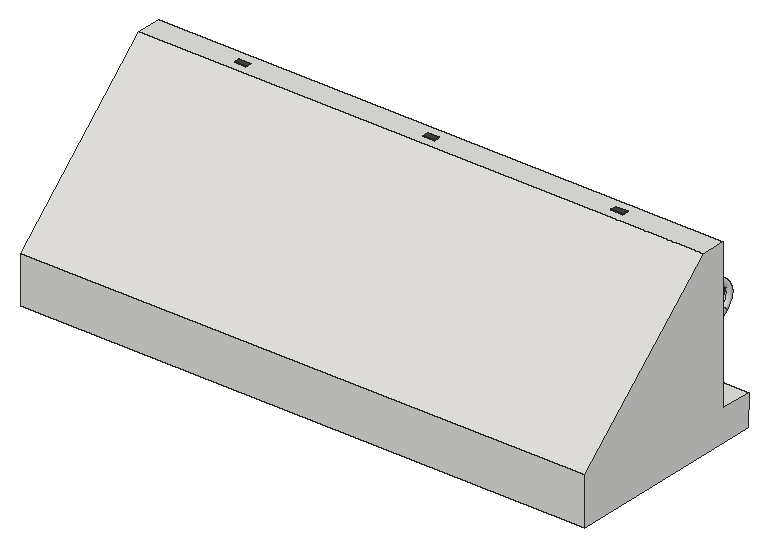
Revit family "Plumbing-Sink-Sloan-Valve-ESS-2300", category Plumbing Fixtures, host Face, Revit 2019
Family settings
  Host = Face
  Round Connector Dimension = Use Diameter
  Part Type = Normal
  OmniClass Number = 23.45.05.14.14
  OmniClass Title = Sinks/Lavatories
  Cut with Voids When Loaded = No
  Shared = No
  Room Calculation Point = No
Parameters (values of type "ESS 2300-C-BDT")
  z_Shower Head = no
  Width = 72"  # constant formula
  Water Flow = 2.2 GPM  # constant formula
  Waste Connection = yes
  WFU = 2
  Voltage = 110 V
  Vent Connection = no
  Valve Pressure Drop = 0.0 Pa
  URL = "www.sloanvalve.com"
  Sanitary Drain Connection Diameter = 1 1/2"  # constant formula
  Product data url = "https://bimobject.com/sloan_valve/product/sinks_stainless-steel_ess-2300"
  Product Material = Sloan Valve - Finish - Stainless Steel
  Product Guid = ""
  Power Factor = 0.8
  Part Number = "3850030"
  Number of Poles = 3
  Model = "ESS 2300-C-BDT"
  Manufacturer = "Sloan Valve"  # constant formula
  Keynote = "10000"
  Hot Water Connection Diameter = 1/2"  # constant formula
  Height = 26"  # constant formula
  HWFU = 1.5
  HW Connection = yes
  z_Elevation [instance] = 45"  # constant formula
  Frequency = 60 Hz
  Edition number = 1
  Description = "Stainless Steel 3-Station Wall-Mounted Scrub Sink."
  Depth = 23"  # constant formula
  Default Elevation = 0"  # constant formula
  Current = 15 A
  Cold Water Connection Diameter = 1/2"  # constant formula
  CWFU = 1.5
  CW Connection = yes
  Assembly Code = "D2010400"
  Apparent Load = (Voltage * Current) / (Power Factor * Number of Poles)  # 687.5 VA
  ADA Compliant = 1 = 1  # yes
Types (2): name | Part Number | Model
  ESS 2300-C-BDT | "3850030" | "ESS 2300-C-BDT"
  ESS 2300-C | "3850028" | "ESS 2300-C"
Reference planes (in)
  plane 1 "Center (Front/Back)": y = 0
  plane 2: z = 0
  plane 3 "Center (Left/Right)": x = 0
  plane 4: y = -5
  plane 5: y = -45
  plane 6: x = -15
  plane 7: x = 15
  plane 8: z = 2.75
  plane 9: x = -9
  plane 10: x = 9
  plane 11: z = 3.125
  plane 12: x = -36.00068
  plane 13: x = 35.99932
  plane 14: z = 23
Dimensions and locks (in)
  locked: plane 4 to plane 1 "Center (Front/Back)" at 5
  "z_Elevation": plane 5 to plane 1 "Center (Front/Back)"
  plane 7 to plane 3 "Center (Left/Right)" to plane 6 = 15" locked, 15" locked
  locked: plane 8 to plane 2 at 2.75
  plane 10 to plane 3 "Center (Left/Right)" to plane 9 = 9" locked, 9" locked
  locked: plane 11 to plane 2 at 3.125
  "Width": plane 12 to plane 13
  "Depth": plane 14 to plane 2
  aligned and locked: plane 2 to host face
  aligned and locked: level to host face
  aligned and locked: plane 3 "Center (Left/Right)" to nested 1
  aligned and locked: nested 1 to plane 1 "Center (Front/Back)"
Automatic sketch dimensions
  host sketch curve to host sketch curve = 96"  (x2)
Nested families (in)
  nested 1: "Geometry" at (0, 0, 0), type "Geometry"
Connectors (in)
  piping at (0, -18.25, 0.05881), diameter 1.5, driven by "Sanitary Drain Connection Diameter", driven by "WFU"
    settings: on nested 1, index 16, connector inside diameter 24", connector length 0", flow factor 0, pipe flow 0.0 GPM, pressure drop 0.0 Pa, fitting loss kfactor 0, connector angle 0.00°, fixture units 2, engagement length 0", angle of deflection 0.00°, flow configuration 3, flow direction 2, fitting loss method 0, system type 16, joint type 0, gender type 0, connector reference index -1, connector utility 0, adjustable connector no, is connector primary yes, connector description "Sanitary Drain Connection"
  electrical at (-20.00068, -18.25, 0.25), driven by "Number of Poles", driven by "Voltage", driven by "Apparent Load", driven by "Apparent Load", driven by "Apparent Load", driven by "Power Factor"
    settings: on nested 1, index 18, voltage 110 V, apparent load 0 VA, apparent load phase1 687.5 VA, apparent load phase2 687.5 VA, apparent load phase3 687.5 VA, power factor 0.8, load classification "Other", number of poles 3, system type 31, power factor state 1, is connector primary yes, connector utility no, sub classification motor no, connector description "Power Connection 1"
  electrical at (20.00068, -18.25, 0.25), driven by "Number of Poles", driven by "Voltage", driven by "Apparent Load", driven by "Apparent Load", driven by "Apparent Load", driven by "Power Factor"
    settings: on nested 1, index 19, voltage 110 V, apparent load 0 VA, apparent load phase1 687.5 VA, apparent load phase2 687.5 VA, apparent load phase3 687.5 VA, power factor 0.8, load classification "Other", number of poles 3, system type 31, power factor state 1, is connector primary no, connector utility no, sub classification motor no, connector description "Power Connection 3"
  piping at (-30.00068, -18.25, 0.25), diameter 0.5, driven by "Hot Water Connection Diameter", driven by "Valve Pressure Drop", driven by "Water Flow"
    settings: on nested 1, index 20, connector inside diameter 24", connector length 0", flow factor 0, pipe flow 2.2 GPM, pressure drop 0.0 Pa, fitting loss kfactor 0, connector angle 0.00°, fixture units 1.5, engagement length 0", angle of deflection 0.00°, flow configuration 1, flow direction 1, fitting loss method 0, system type 19, joint type 0, gender type 0, connector reference index -1, connector utility 0, adjustable connector no, is connector primary no, connector description "Hot Water Connection"
  piping at (-27.00068, -18.25, 0.25), diameter 0.5, driven by "Cold Water Connection Diameter", driven by "Valve Pressure Drop", driven by "Water Flow"
    settings: on nested 1, index 21, connector inside diameter 24", connector length 0", flow factor 0, pipe flow 2.2 GPM, pressure drop 0.0 Pa, fitting loss kfactor 0, connector angle 0.00°, fixture units 1.5, engagement length 0", angle of deflection 0.00°, flow configuration 1, flow direction 1, fitting loss method 0, system type 20, joint type 0, gender type 0, connector reference index -1, connector utility 0, adjustable connector no, is connector primary no, connector description "Cold Water Connection"
  electrical at (-8, -18.25, 0.25), driven by "Power Factor", driven by "Number of Poles", driven by "Voltage", driven by "Apparent Load", driven by "Apparent Load", driven by "Apparent Load"
    settings: on nested 1, index 22, voltage 110 V, apparent load 0 VA, apparent load phase1 687.5 VA, apparent load phase2 687.5 VA, apparent load phase3 687.5 VA, power factor 0.8, load classification "Other", number of poles 3, system type 31, power factor state 1, is connector primary no, connector utility no, sub classification motor no, connector description "Power Connection 2"
Definition of nested family "Geometry"
  Parameters (values of type "Geometry")
    URL = ""
    Product Material = none
    Model = ""
    Manufacturer = ""
    Description = ""
    Default Elevation = 34"
    Assembly Code = ""
  Reference planes (in)
    plane 1 "Center (Front/Back)": y = 0
    plane 2: z = 0
    plane 3 "Center (Left/Right)": x = 0
    plane 4: z = 23
    plane 5: z = 21.5
    plane 6: z = 4
    plane 7: z = 10.5
    plane 8: y = -4
    plane 9: y = -26
    plane 10: y = -45
    plane 11: z = 6
    plane 12: through (0, -7.11959, 23) normal (0, 0.6691, -0.7431)
    plane 13: y = -18.25
    plane 14: x = -24.00068
    plane 15: x = 34.50068
    plane 16: x = 36.00068
    plane 17: x = -34.50068
    plane 18: x = -36.00068
    plane 19: x = 24.00068
    plane 20: x = -30.00068
    plane 21: x = -27.00068
    plane 22: x = -20.00068
    plane 23: x = -8
    plane 24: y = -15.25
    plane 25: x = 1
  Forms (in)
    Extrusion 1, solid
      sketch origin (0, 0, 0) x (1, 0, 0) y (0, 1, 0)
        loop
          line (-48, 48) -> (-48, -48) -> (48, -48) -> (48, 48) -> (-48, 48)
      from 0 to -12
    Extrusion 2, solid, material <- "Product Material"
      sketch origin (-21.00034, 0, 0) x (0, 1, 0) y (0, 0, 1)
        loop
          line (-26, 0) -> (0, 0) -> (0, 4) -> (-4, 4) -> (-4, 23) -> (-7.11959, 23) -> (-26, 6) -> (-26, 0)
      from -15.00034 to 15.00034
    Extrusion 3, void
      sketch origin (-21.00034, 0, 0) x (0, 1, 0) y (0, 0, 1)
        loop
          line (-4, 4) -> (-4, 21.5) -> (-16, 10.5) -> (-16, 4) -> (-4, 4)
      from -13.50034 to 17.60024
    Extrusion 4, solid, material <- "Product Material"
      sketch origin (9.00034, 0, 0) x (0, 1, 0) y (0, 0, 1)
        loop
          line (-26, 0) -> (0, 0) -> (0, 4) -> (-4, 4) -> (-4, 23) -> (-7.11959, 23) -> (-26, 6) -> (-26, 0)
      from -15.00034 to 27.00034
    Extrusion 5, void
      sketch origin (9.00034, 0, 0) x (0, 1, 0) y (0, 0, 1)
        loop
          line (-4, 4) -> (-4, 21.5) -> (-16, 10.5) -> (-16, 4) -> (-4, 4)
      from -12.40044 to 25.50034
    Extrusion 6, void
      sketch origin (0, 0, 0) x (1, 0, 0) y (0, 0, 1)
        loop
          circle (0, 6) r 0.75
      from 16 to 17.43081
    Extrusion 7, solid
      sketch origin (9.07149, 0, 23) x (1, 0, 0) y (0, 1, 0)
        loop
          line (-33.82217, -5.1853) -> (-33.82217, -5.9353) -> (-32.32217, -5.9353) -> (-32.32217, -5.1853) -> (-33.82217, -5.1853)
        loop
          line (-8.32149, -5.1853) -> (-9.82149, -5.1853) -> (-9.82149, -5.9353) -> (-8.32149, -5.9353) -> (-8.32149, -5.1853)
        loop
          line (15.67919, -5.1853) -> (14.17919, -5.1853) -> (14.17919, -5.9353) -> (15.67919, -5.9353) -> (15.67919, -5.1853)
      from 0 to 0.0625
    Extrusion 8, solid, material <- "Product Material"
      sketch origin (12.07183, 0, 0) x (1, 0, 0) y (0, 1, 0)
        loop
          circle (-42.07251, -18.25) r 0.25
        loop
          circle (-39.07251, -18.25) r 0.25
        loop
          line (-33.32251, -16.25) -> (-33.32251, -20.25) -> (-30.82251, -20.25) -> (-30.82251, -16.25) -> (-33.32251, -16.25)
        loop
          circle (-12.07183, -18.25) r 0.75
        loop
          line (6.67885, -16.25) -> (6.67885, -20.25) -> (9.17885, -20.25) -> (9.17885, -16.25) -> (6.67885, -16.25)
        loop
          line (-21.32183, -16.25) -> (-21.32183, -20.25) -> (-18.82183, -20.25) -> (-18.82183, -16.25) -> (-21.32183, -16.25)
        loop
          line (-13.57183, -16.75) -> (-13.57183, -19.75) -> (-10.57183, -19.75) -> (-10.57183, -16.75) -> (-13.57183, -16.75)
      from 0 to 0.25
    Extrusion 9, solid, material <- "Product Material"
      sketch origin (6.41704, 0, 0) x (0, 1, 0) y (0, 0, -1)
        loop
          line (-4.5, -4) -> (-15, -4) -> (-15, -11.41667) -> (-4.5, -21.04167) -> (-4.5, -4)
      from -5.58398 to -4.83398
    Extrusion 10, solid, material <- "Product Material"
      sketch origin (-6.41704, 0, 0) x (0, 1, 0) y (0, 0, 1)
        loop
          line (-4.5, 4) -> (-4.5, 21.04167) -> (-15, 11.41667) -> (-15, 4) -> (-4.5, 4)
      from -5.58398 to -4.83398
    Revolve 11, solid, material <- "Product Material"
      sketch origin (0, -16, 6) x (1, 0, 0) y (0, 1, 0)
        loop
          line (0, 0.6875) -> (0.21984, 0.6875) -> (0.64944, 0) -> (0.75, 0) -> (0.75, 0.03911) -> (0.6987, 0.03911) -> (0.25449, 0.75) -> (0, 0.75) -> (0, 0.6875)
        axis (0, 0.75) -> (0, 0)
      angle from 0 to 360
    Extrusion 12, void
      sketch origin (0, -16, 6) x (1, 0, 0) y (0, 0, -1)
        loop
          arc (-0.15734, 0) -> (-0.156, -0.02054) -> (-0.15198, -0.04072) r 0.15734
          line (-0.15198, -0.04072) -> (-0.06143, -0.01646)
          arc (-0.06143, -0.01646) -> (-0.06359, 0) -> (-0.06143, 0.01646) r 0.06359
          line (-0.06143, 0.01646) -> (-0.15198, 0.04072)
          arc (-0.15198, 0.04072) -> (-0.156, 0.02054) -> (-0.15734, 0) r 0.15734
        loop
          arc (0.15734, 0) -> (0.156, 0.02054) -> (0.15198, 0.04072) r 0.15734
          line (0.15198, 0.04072) -> (0.06143, 0.01646)
          arc (0.06143, 0.01646) -> (0.06359, 0) -> (0.06143, -0.01646) r 0.06359
          line (0.06143, -0.01646) -> (0.15198, -0.04072)
          arc (0.15198, -0.04072) -> (0.156, -0.02054) -> (0.15734, 0) r 0.15734
        loop
          arc (-0.01646, 0.06143) -> (0, 0.06359) -> (0.01646, 0.06143) r 0.06359
          line (0.01646, 0.06143) -> (0.04072, 0.15198)
          arc (0.04072, 0.15198) -> (0, 0.15734) -> (-0.04072, 0.15198) r 0.15734
          line (-0.04072, 0.15198) -> (-0.01646, 0.06143)
        loop
          line (-0.01646, -0.06143) -> (-0.04072, -0.15198)
          arc (-0.04072, -0.15198) -> (0, -0.15734) -> (0.04072, -0.15198) r 0.15734
          line (0.04072, -0.15198) -> (0.01646, -0.06143)
          arc (0.01646, -0.06143) -> (0, -0.06359) -> (-0.01646, -0.06143) r 0.06359
        loop
          circle (0, 0) r 0.03234
      from 0.6875 to 0.75
    Extrusion 13, void
      sketch origin (0, -16, 6) x (1, 0, 0) y (0, 0, -1)
        loop
          arc (-0.04419, 0.25062) -> (0, 0.25449) -> (0.04419, 0.25062) r 0.25449
          line (0.04419, 0.25062) -> (0.11277, 0.63957)
          arc (0.11277, 0.63957) -> (0, 0.64944) -> (-0.11277, 0.63957) r 0.64944
          line (-0.11277, 0.63957) -> (-0.04419, 0.25062)
        loop
          arc (0.14597, 0.20846) -> (0.17995, 0.17995) -> (0.20846, 0.14597) r 0.25449
          line (0.20846, 0.14597) -> (0.53199, 0.3725)
          arc (0.53199, 0.3725) -> (0.45922, 0.45922) -> (0.3725, 0.53199) r 0.64944
          line (0.3725, 0.53199) -> (0.14597, 0.20846)
        loop
          line (-0.25062, 0.04419) -> (-0.63957, 0.11277)
          arc (-0.63957, 0.11277) -> (-0.64944, 0) -> (-0.63957, -0.11277) r 0.64944
          line (-0.63957, -0.11277) -> (-0.25062, -0.04419)
          arc (-0.25062, -0.04419) -> (-0.25449, 0) -> (-0.25062, 0.04419) r 0.25449
        loop
          arc (0.25062, 0.04419) -> (0.25449, 0) -> (0.25062, -0.04419) r 0.25449
          line (0.25062, -0.04419) -> (0.63957, -0.11277)
          arc (0.63957, -0.11277) -> (0.64944, 0) -> (0.63957, 0.11277) r 0.64944
          line (0.63957, 0.11277) -> (0.25062, 0.04419)
        loop
          line (-0.14597, 0.20846) -> (-0.3725, 0.53199)
          arc (-0.3725, 0.53199) -> (-0.45922, 0.45922) -> (-0.53199, 0.3725) r 0.64944
          line (-0.53199, 0.3725) -> (-0.20846, 0.14597)
          arc (-0.20846, 0.14597) -> (-0.17995, 0.17995) -> (-0.14597, 0.20846) r 0.25449
        loop
          line (-0.04419, -0.25062) -> (-0.11277, -0.63957)
          arc (-0.11277, -0.63957) -> (0, -0.64944) -> (0.11277, -0.63957) r 0.64944
          line (0.11277, -0.63957) -> (0.04419, -0.25062)
          arc (0.04419, -0.25062) -> (0, -0.25449) -> (-0.04419, -0.25062) r 0.25449
        loop
          line (0.14597, -0.20846) -> (0.3725, -0.53199)
          arc (0.3725, -0.53199) -> (0.45922, -0.45922) -> (0.53199, -0.3725) r 0.64944
          line (0.53199, -0.3725) -> (0.20846, -0.14597)
          arc (0.20846, -0.14597) -> (0.17995, -0.17995) -> (0.14597, -0.20846) r 0.25449
        loop
          arc (-0.14597, -0.20846) -> (-0.17995, -0.17995) -> (-0.20846, -0.14597) r 0.25449
          line (-0.20846, -0.14597) -> (-0.53199, -0.3725)
          arc (-0.53199, -0.3725) -> (-0.45922, -0.45922) -> (-0.3725, -0.53199) r 0.64944
          line (-0.3725, -0.53199) -> (-0.14597, -0.20846)
      from 0 to 0.6875
    Revolve 14, solid
      sketch origin (0, -1.94954, 0.08604) x (0, 1, 0) y (0, 0, 1)
        loop
          line (8.86112, 7.70568) -> (8.88335, 8.14261) -> (8.19954, 8.1774) -> (8.17731, 7.74047) -> (8.86112, 7.70568)
        axis (8.88335, 8.14261) -> (8.19954, 8.1774)
      angle from 0 to 360
    Sweep 15, solid
      path origin (0, 0, 0.02999) x (0, 1, 0) y (0, 0, 1)
        loop
          line (0, 2) -> (5.99639, 2)
          arc (5.99639, 2) -> (6.96112, 2.13558) -> (7.85111, 2.53183) r 3.5
          line (7.85111, 2.53183) -> (11.00786, 4.50439)
          arc (11.00786, 4.50439) -> (11.82378, 6.49884) -> (10.19125, 7.9054) r 1.84412
          line (10.19125, 7.9054) -> (6.74923, 8.20635)
      profile origin (0, 2.9982, 2.02999) x (0, 0, 1) y (1, 0, 0)
        loop
          circle (0, 0) r 0.375
    Revolve 16, solid
      sketch origin (0, 0, 0.02999) x (0, 1, 0) y (0, 0, 1)
        loop
          line (0, 2) -> (0, 0.75) -> (0.25, 0.75) -> (0.71812, 1.46812) -> (1.46812, 1.46812) -> (1.5, 1.5) -> (1.5, 2) -> (0, 2)
        axis (1.5, 2) -> (0, 2)
      angle from 0 to 360
    Revolve 17, solid
      sketch origin (-24, -1.94954, 0.08604) x (0, 1, 0) y (0, 0, 1)
        loop
          line (8.86112, 7.70568) -> (8.88335, 8.14261) -> (8.19954, 8.1774) -> (8.17731, 7.74047) -> (8.86112, 7.70568)
        axis (8.88335, 8.14261) -> (8.19954, 8.1774)
      angle from 0 to 360
    Sweep 18, solid
      path origin (-24, 0, 0.02999) x (0, 1, 0) y (0, 0, 1)
        loop
          line (0, 2) -> (5.99639, 2)
          arc (5.99639, 2) -> (6.96112, 2.13558) -> (7.85111, 2.53183) r 3.5
          line (7.85111, 2.53183) -> (11.00786, 4.50439)
          arc (11.00786, 4.50439) -> (11.82378, 6.49884) -> (10.19125, 7.9054) r 1.84412
          line (10.19125, 7.9054) -> (6.74923, 8.20635)
      profile origin (-24, 2.9982, 2.02999) x (0, 0, 1) y (1, 0, 0)
        loop
          circle (0, 0) r 0.375
    Revolve 19, solid
      sketch origin (-24, 0, 0.02999) x (0, 1, 0) y (0, 0, 1)
        loop
          line (0, 2) -> (0, 0.75) -> (0.25, 0.75) -> (0.71812, 1.46812) -> (1.46812, 1.46812) -> (1.5, 1.5) -> (1.5, 2) -> (0, 2)
        axis (1.5, 2) -> (0, 2)
      angle from 0 to 360
    Revolve 20, solid
      sketch origin (24, -1.94954, 0.08604) x (0, 1, 0) y (0, 0, 1)
        loop
          line (8.86112, 7.70568) -> (8.88335, 8.14261) -> (8.19954, 8.1774) -> (8.17731, 7.74047) -> (8.86112, 7.70568)
        axis (8.88335, 8.14261) -> (8.19954, 8.1774)
      angle from 0 to 360
    Sweep 21, solid
      path origin (24, 0, 0.02999) x (0, 1, 0) y (0, 0, 1)
        loop
          line (0, 2) -> (5.99639, 2)
          arc (5.99639, 2) -> (6.96112, 2.13558) -> (7.85111, 2.53183) r 3.5
          line (7.85111, 2.53183) -> (11.00786, 4.50439)
          arc (11.00786, 4.50439) -> (11.82378, 6.49884) -> (10.19125, 7.9054) r 1.84412
          line (10.19125, 7.9054) -> (6.74923, 8.20635)
      profile origin (24, 2.9982, 2.02999) x (0, 0, 1) y (1, 0, 0)
        loop
          circle (0, 0) r 0.375
    Revolve 22, solid
      sketch origin (24, 0, 0.02999) x (0, 1, 0) y (0, 0, 1)
        loop
          line (0, 2) -> (0, 0.75) -> (0.25, 0.75) -> (0.71812, 1.46812) -> (1.46812, 1.46812) -> (1.5, 1.5) -> (1.5, 2) -> (0, 2)
        axis (1.5, 2) -> (0, 2)
      angle from 0 to 360
  Cuts and joins
    Extrusion 3, Extrusion 6, Extrusion 12, Extrusion 13 cuts Extrusion 2
    Extrusion 3, Extrusion 5, Extrusion 6, Extrusion 12, Extrusion 13 cuts Extrusion 4
    Extrusion 12, Extrusion 13 cuts Extrusion 9
    Extrusion 12, Extrusion 13 cuts Extrusion 10
    Extrusion 12, Extrusion 13 cuts Revolve 11
    joined: Extrusion 2, Extrusion 4, Extrusion 9, Extrusion 10, Revolve 11
    joined: Sweep 18, Revolve 19
    joined: Sweep 15, Revolve 16
    joined: Sweep 21, Revolve 22
  Lines and regions (in)
    Masking region 1
      outline origin (0, 0, 0) x (1, 0, 0) y (0, 0, 1)
        loop
          line (36.00068, 23) -> (24.75068, 23) -> (24.75068, 23.0625) -> (23.25068, 23.0625) -> (23.25068, 23) -> (0.75, 23) -> (0.75, 23.0625) -> (-0.75, 23.0625) -> (-0.75, 23) -> (-23.25068, 23) -> (-23.25068, 23.0625) -> (-24.75068, 23.0625) -> (-24.75068, 23) -> (-36.00068, 23) -> (-36.00068, 0) -> (36.00068, 0) -> (36.00068, 23)
    symbolic lines, detail levels medium+fine
      curve 1: line (33.75068, 0, 21.5) -> (-33.75068, 0, 21.5)
      curve 2: line (34.50068, 0, 4.75) -> (34.50068, 0, 20.75)
      curve 3: line (0.375, 0, 4) -> (23.625, 0, 4)
      curve 4: line (12.00102, 0, 21.5) -> (12.00102, 0, 4)
      curve 5: line (11.25102, 0, 4) -> (11.25102, 0, 21.5)
      curve 6: line (-23.625, 0, 4) -> (-0.375, 0, 4)
      curve 7: line (-11.25102, 0, 21.5) -> (-11.25102, 0, 4)
      curve 8: line (-12.00102, 0, 4) -> (-12.00102, 0, 21.5)
      curve 9: line (-33.75068, 0, 4) -> (-24.375, 0, 4)
      curve 10: line (-34.50068, 0, 20.75) -> (-34.50068, 0, 4.75)
      curve 11: line (24.375, 0, 4) -> (33.75068, 0, 4)
      curve 18: arc (24.375, 0, 3.22241) -> (24, 0, 0.77999) -> (23.625, 0, 3.22241) r 1.25
      curve 19: line (23.625, 0, 1.96746) -> (23.625, 0, 8.27999)
      curve 20: arc (23.625, 0, 1.96746) -> (24.02612, 0, 1.6563) -> (24.36975, 0, 2.02999) r 0.375
      curve 21: line (24.375, 0, 8.27999) -> (24.375, 0, 2.02999)
      curve 22: spline (24.375, 0, 8.05549) -> (24.4297, 0, 8.19805) -> (24.43171, 0, 8.35066) -> (24.38079, 0, 8.49459) -> (24.28317, 0, 8.61222) -> (24.15083, 0, 8.6891) -> (24, 0, 8.71582) -> (23.84917, 0, 8.6891) -> (23.71683, 0, 8.61222) -> (23.61921, 0, 8.49459) -> (23.56829, 0, 8.35066) -> (23.5703, 0, 8.19805) -> (23.625, 0, 8.05549)
      curve 24: arc (23.625, 0, 8.27999) -> (24, 0, 8.65499) -> (24.375, 0, 8.27999) r 0.375
      curve 25: arc (0.375, 0, 3.22241) -> (0, 0, 0.77999) -> (-0.375, 0, 3.22241) r 1.25
      curve 26: line (-0.375, 0, 1.96746) -> (-0.375, 0, 8.27999)
      curve 27: arc (-0.375, 0, 1.96746) -> (0.02612, 0, 1.6563) -> (0.36975, 0, 2.02999) r 0.375
      curve 28: line (0.375, 0, 8.27999) -> (0.375, 0, 2.02999)
      curve 29: spline (0.375, 0, 8.05549) -> (0.4297, 0, 8.19805) -> (0.43171, 0, 8.35066) -> (0.38079, 0, 8.49459) -> (0.28317, 0, 8.61222) -> (0.15083, 0, 8.6891) -> (0, 0, 8.71582) -> (-0.15083, 0, 8.6891) -> (-0.28317, 0, 8.61222) -> (-0.38079, 0, 8.49459) -> (-0.43171, 0, 8.35066) -> (-0.4297, 0, 8.19805) -> (-0.375, 0, 8.05549)
      curve 31: arc (-0.375, 0, 8.27999) -> (0, 0, 8.65499) -> (0.375, 0, 8.27999) r 0.375
      curve 32: arc (-23.625, 0, 3.22241) -> (-24, 0, 0.77999) -> (-24.375, 0, 3.22241) r 1.25
      curve 33: line (-24.375, 0, 1.96746) -> (-24.375, 0, 8.27999)
      curve 34: arc (-24.375, 0, 1.96746) -> (-23.97388, 0, 1.6563) -> (-23.63025, 0, 2.02999) r 0.375
      curve 35: line (-23.625, 0, 8.27999) -> (-23.625, 0, 2.02999)
      curve 36: spline (-23.625, 0, 8.05549) -> (-23.5703, 0, 8.19805) -> (-23.56829, 0, 8.35066) -> (-23.61921, 0, 8.49459) -> (-23.71683, 0, 8.61222) -> (-23.84917, 0, 8.6891) -> (-24, 0, 8.71582) -> (-24.15083, 0, 8.6891) -> (-24.28317, 0, 8.61222) -> (-24.38079, 0, 8.49459) -> (-24.43171, 0, 8.35066) -> (-24.4297, 0, 8.19805) -> (-24.375, 0, 8.05549)
      curve 38: arc (-24.375, 0, 8.27999) -> (-24, 0, 8.65499) -> (-23.625, 0, 8.27999) r 0.375
      curve 41: arc (33.75068, 0, 21.5) -> (34.28101, 0, 21.28033) -> (34.50068, 0, 20.75) r 0.75
      curve 42: arc (34.50068, 0, 4.75) -> (34.28101, 0, 4.21967) -> (33.75068, 0, 4) r 0.75
      curve 43: arc (-33.75068, 0, 21.5) -> (-34.28101, 0, 21.28033) -> (-34.50068, 0, 20.75) r 0.75
      curve 44: arc (-34.50068, 0, 4.75) -> (-34.28101, 0, 4.21967) -> (-33.75068, 0, 4) r 0.75
    symbolic lines, detail levels fine
      curve 12: line (34.50068, 0, 10.5) -> (12.00102, 0, 10.5)
      curve 13: line (11.25102, 0, 10.5) -> (-11.25102, 0, 10.5)
      curve 14: line (-12.00102, 0, 10.5) -> (-34.50068, 0, 10.5)
      curve 15: line (24.75068, 0, 23) -> (23.25068, 0, 23)
      curve 16: line (0.75, 0, 23) -> (-0.75, 0, 23)
      curve 17: line (-23.25068, 0, 23) -> (-24.75068, 0, 23)
      curve 39: arc (0.375, 0, 5.35048) -> (0.75, 0, 6) -> (0.375, 0, 6.64952) r 0.75
      curve 40: arc (-0.375, 0, 5.35048) -> (-0.75, 0, 6) -> (-0.375, 0, 6.64952) r 0.75
    symbolic lines, not visible, detail levels medium+fine
      curve 23: spline (24.375, 0, 7.61476) -> (24.61436, 0, 7.83381) -> (24.73861, 0, 8.13337) -> (24.72444, 0, 8.45731) -> (24.57453, 0, 8.74491) -> (24.31696, 0, 8.94229) -> (24, 0, 9.01247) -> (23.68304, 0, 8.94229) -> (23.42547, 0, 8.74491) -> (23.27556, 0, 8.45731) -> (23.26139, 0, 8.13337) -> (23.38564, 0, 7.83381) -> (23.625, 0, 7.61476)
      curve 30: spline (0.375, 0, 7.61476) -> (0.61436, 0, 7.83381) -> (0.73861, 0, 8.13337) -> (0.72444, 0, 8.45731) -> (0.57453, 0, 8.74491) -> (0.31696, 0, 8.94229) -> (0, 0, 9.01247) -> (-0.31696, 0, 8.94229) -> (-0.57453, 0, 8.74491) -> (-0.72444, 0, 8.45731) -> (-0.73861, 0, 8.13337) -> (-0.61436, 0, 7.83381) -> (-0.375, 0, 7.61476)
      curve 37: spline (-23.625, 0, 7.61476) -> (-23.38564, 0, 7.83381) -> (-23.26139, 0, 8.13337) -> (-23.27556, 0, 8.45731) -> (-23.42547, 0, 8.74491) -> (-23.68304, 0, 8.94229) -> (-24, 0, 9.01247) -> (-24.31696, 0, 8.94229) -> (-24.57453, 0, 8.74491) -> (-24.72444, 0, 8.45731) -> (-24.73861, 0, 8.13337) -> (-24.61436, 0, 7.83381) -> (-24.375, 0, 7.61476)
  Dimensions and locks (in)
    plane 2 to plane 4 = 23"
    plane 9 to plane 13 = 7 3/4"
    plane 18 to plane 16 = 72.00136"
    plane 9 to plane 1 "Center (Front/Back)" = 26"
    plane 4 to Extrusion 1 = 23"
    plane 1 "Center (Front/Back)" to plane 10 = 45"
    plane 10 to plane 9 = 19"
    cut or joined group 1 (Extrusion 2, Extrusion 3, Extrusion 4, Extrusion 5, Extrusion 6, Extrusion 9, Extrusion 10, Revolve 11, Extrusion 12, Extrusion 13) to Extrusion 9 = 22.49966"
    Extrusion 10 to Extrusion 9 = 22.50204"
    cut or joined group 1 to Extrusion 10 = 22.49966"
    locked: Revolve 14 sketch curve to Revolve 14 sketch curve at 0.4375
    locked: Revolve 14 sketch curve to Revolve 14 sketch curve at 0.6847
    locked: Revolve 17 sketch curve to Revolve 17 sketch curve at 0.4375
    locked: Revolve 17 sketch curve to Revolve 17 sketch curve at 0.6847
    locked: Revolve 20 sketch curve to Revolve 20 sketch curve at 0.4375
    locked: Revolve 20 sketch curve to Revolve 20 sketch curve at 0.6847
    aligned and locked: plane 2 to Extrusion 1
    aligned and locked: level to Extrusion 1
    aligned and locked: Revolve 14 sketch curve to Revolve 14 sketch curve
    aligned and locked: Revolve 17 sketch curve to Revolve 17 sketch curve
    aligned and locked: Revolve 20 sketch curve to Revolve 20 sketch curve
    aligned and locked: curve 39 to cut or joined group 1
